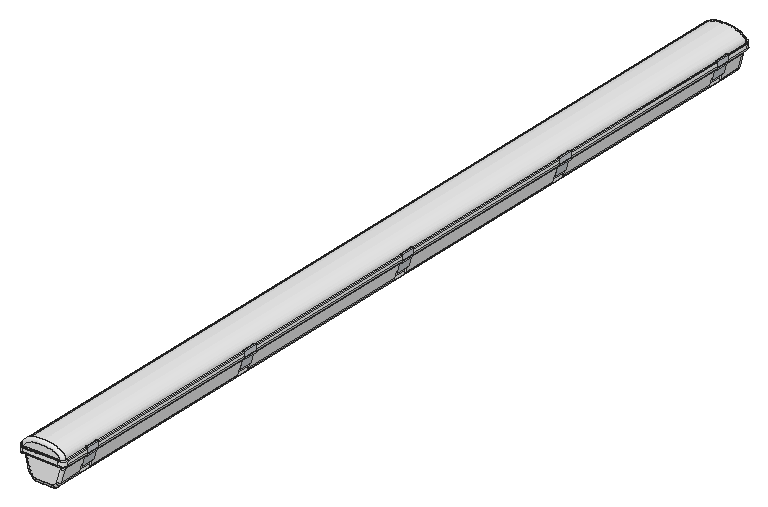
Revit family "0048623 Feilo Sylvania Lighting Fixture SRT WTRPRF LED G3 1500MM S 4K", category Lighting Fixtures, host Face, Revit 2017
Family settings
  Host = Face
  Round Connector Dimension = Use Diameter
  Part Type = Normal
  OmniClass Number = 23.80.70.11.14
  OmniClass Title = General Luminaries, Directional
  Cut with Voids When Loaded = Yes
  Light Source = Yes
  Shared = No
  Room Calculation Point = No
Parameters
  Width = 84 mm
  Weight = "2.08 kg"
  Wattage Comments = "n/a"
  Wattage = 33 W
  WarrantyStartDate [instance] = "n/a"
  WarrantyGuarantorParts = "n/a"
  WarrantyDurationUnit = "n/a"
  WarrantyDurationParts = "n/a"
  WarrantyDescription = "n/a"
  built-in parameter 1150110 = 1 (stored number, unit not read)
  Voltage = 230 V
  URL = "http://www.sylvania-lighting.com"
  TypeName = "SRT WTRPRF LED G3 1500MM S 4K"
  Type Image = <None>
  Type Comments = "n/a"
  built-in parameter 1114217 = 1 (stored number, unit not read)
  Tilt Angle = -90.00°
  built-in parameter 1150109 = 1 (stored number, unit not read)
  built-in parameter 1150134 = 12
  built-in parameter 1150113 = 1 (stored number, unit not read)
  SerialNumber [instance] = "n/a"
  ReflectorMaterial = none
  PowerFactor = 0
  PowerConsumption = "33 W"
  Photometric Web File = "0048623-C.ies"
  NominalWidth = 0 mm
  NominalLength = 1578 mm
  NominalHeight = 75 mm
  Name = "SRT WTRPRF LED G3 1500MM S 4K"
  ModelReference = "SRT WTRPRF LED G3 1500MM S 4K"
  ModelNumber = "0048623"
  Model = "SRT WTRPRF LED G3 1500MM S 4K"
  Material = "polycarbonate housing, polycarbonate diffuser"
  ManufacturerName = "Feilo Sylvania"
  Manufacturer = "Feilo Sylvania"
  LuminousEfficacy = "125 lm/W"
  built-in parameter 1150105 = 328.26 (stored number, unit not read)
  Lumens = 4125 lm
  LuminaireType = "Weatherproof"
  built-in parameter 1150115 = 1 (stored number, unit not read)
  LightOutputRatio = "n/a"
  built-in parameter 1150137 = (empty or 0)
  built-in parameter 1150139 = (empty or 0)
  Length = 1572 mm
  LampsType = Lamp  # "LED"
  LampNominalLuminous = "4100 lm"
  LampMacAdamStep = "3"
  LampColourTemperature = "4000 K"
  LampColourRenderingIndex = "80"
  built-in parameter 1150112 = 1 (stored number, unit not read)
  built-in parameter 1150114 = 1 (stored number, unit not read)
  Lamp = "LED"
  Keynote = "16500"
  InstallationDate [instance] = "n/a"
  InputVoltage = "220-240V~"
  InputNominalFrequency = "50/60 Hz"
  built-in parameter 1150132 = (empty or 0)
  built-in parameter 1150102 = (empty or 0)
  built-in parameter 1150107 = 4000 (stored number, unit not read)
  built-in parameter 1150138 = (empty or 0)
  IngressProtection = "IP65"
  ImpactProtectionIndex = "IK08"
  built-in parameter 1150106 = 3.2826 (stored number, unit not read)
  IfcExportType = "IfcLightFixtureType"
  IfcExportAs = "IfcLightFixtureType"
  ExpectedLife = 50000
  Emit from Rectangle Width = Width - 20 mm  # 64 mm
  Emit from Rectangle Length = Length - 20 mm  # 1552 mm
  Emit Shape Visible in Rendering = no
  ElectricShockClassification = "Class I"
  built-in parameter 1150104 = 11.613 (stored number, unit not read)
  DurationUnit = "hours"
  DocumentationLiterature = "http://www.sylvania-lighting.com/product/en-int/products/0048623"
  DimmingControlOptions = "Non dimmable"
  Dimming Lamp Color Temperature Shift = <None>
  DiffuserMaterial = Diffuser-Sylvania-Transparent
  Description = ""
  Default Elevation = 1219.2 mm
  CreatedOn = "11/9/2017"
  CreatedBy = ""
  Cost = 0
  Color Filter = 16777215
  built-in parameter 1114216 [instance] = (empty or 0)
  ClassificationValue = "EF_70_80"
  ClassificationName = "Uniclass2015"
  BodyMaterial = Body-Sylvania-Gray
  BarCode [instance] = "n/a"
  built-in parameter 1114218 = 1 (stored number, unit not read)
  built-in parameter 1150133 = 10 (stored number, unit not read)
  AssetType = "Fixed"
  AssetIdentifier [instance] = "n/a"
  Assembly Code = "D5020200"
  Apparent Load = 33 VA
  AccessoryMaterial = Diffuser-Sylvania-Glow
Reference planes
  plane 1 "Center (Front/Back)": y = 0
  plane 2: z = 0
  plane 3 "Center (Left/Right)": x = 0
  plane 4: z = 54
  plane 5: x = -14.7
  plane 6: x = -21.8
  plane 7: x = -26.6
  plane 8: x = -29.2
  plane 9: z = 3
  plane 10: z = 7.8
  plane 11: z = 12.3
  plane 12: z = 36.6
  plane 13: z = 42.8
  plane 14: x = -38.1
  plane 15: z = 46.2
  plane 16: x = -42
  plane 17: y = 786
  plane 18: y = -786
  plane 19: x = 14.7
  plane 20: x = 21.8
  plane 21: x = 26.6
  plane 22: x = 29.2
  plane 23: x = 38.1
  plane 24: x = 42
  plane 25: y = 778.4
  plane 26: y = -778.4
  plane 27: y = -774.7
  plane 28: y = 774.7
  plane 29: z = 74
  plane 30: x = -38.5
  plane 31: x = 38.5
  plane 32: z = 55.2
  plane 33: y = -782.5
  plane 34: y = 782.5
  plane 35: x = -24.5
  plane 36: x = 24.5
  plane 37: x = -35.7
  plane 38: x = 35.7
  plane 39: z = 50.2
  plane 40: z = 24.6
  plane 41: y = -720
  plane 42: y = -734
  plane 43: y = -706
  plane 44: y = 720
  plane 45: y = -720
  plane 46: y = -734
  plane 47: y = -706
  plane 48: y = 720
  plane 49: y = 706
  plane 50: y = 734
  plane 51: y = -360
  plane 52: y = -374
  plane 53: y = -346
  plane 54: y = 0
  plane 55: y = -14
  plane 56: y = 14
  plane 57: y = 360
  plane 58: y = 346
  plane 59: y = 374
Forms (mm)
  Sweep 1, solid, material "Body-Sylvania-Gray" <- "BodyMaterial", detail levels medium+fine
    path origin (1223.4, -4572, 54) x (0, -1, 0) y (1, 0, 0)
      loop
        arc (-3796, -1265.4) -> (-3788.929, -1262.471) -> (-3786, -1255.4) r 10
        line (-3786, -1255.4) -> (-3786, -1191.4)
        arc (-3786, -1191.4) -> (-3788.929, -1184.329) -> (-3796, -1181.4) r 10
        line (-3796, -1181.4) -> (-5348, -1181.4)
        arc (-5348, -1181.4) -> (-5355.071, -1184.329) -> (-5358, -1191.4) r 10
        line (-5358, -1191.4) -> (-5358, -1255.4)
        arc (-5358, -1255.4) -> (-5355.071, -1262.471) -> (-5348, -1265.4) r 10
        line (-5348, -1265.4) -> (-3796, -1265.4)
    profile origin (-42, 0, 54) x (-1, 0, 0) y (0, 0, 1)
      loop
        line (0, 0) -> (-1, 0) -> (-1, -7.726)
        arc (-1, -7.726) -> (-1.994, -9.498) -> (-3.9, -10.2) r 2.937
        line (-3.9, -10.2) -> (-8.571, -10.2) -> (-8.571, -11.2) -> (-3.9, -11.2)
        arc (-3.9, -11.2) -> (-1.313, -10.231) -> (0, -7.8) r 3.937
        line (0, -7.8) -> (0, 0)
  Sweep 2, solid, material "Body-Sylvania-Gray" <- "BodyMaterial", detail levels medium+fine
    path origin (0, 0, 0) x (1, 0, 0) y (0, 0, 1)
      loop
        line (35.7, 42.8) -> (35.7, 36.6) -> (29.203, 12.31)
        arc (29.203, 12.31) -> (28.199, 9.884) -> (26.6, 7.8) r 10.052
        line (26.6, 7.8) -> (21.8, 3)
        arc (21.8, 3) -> (18.554, 0.781) -> (14.7, 0) r 9.902
        line (14.7, 0) -> (0, 0) -> (-14.7, 0)
        arc (-14.7, 0) -> (-18.554, 0.781) -> (-21.8, 3) r 9.902
        line (-21.8, 3) -> (-26.6, 7.8)
        arc (-26.6, 7.8) -> (-28.199, 9.884) -> (-29.203, 12.31) r 10.052
        line (-29.203, 12.31) -> (-35.7, 36.6) -> (-35.7, 42.8)
    profile origin (0, 0, 0) x (0, 0, -1) y (0, -1, 0)
      loop
        arc (0, 773.4) -> (-1.464, 776.936) -> (-5, 778.4) r 5
        line (-5, 778.4) -> (-7.8, 778.4) -> (-7.8, -778.4) -> (-5, -778.4)
        arc (-5, -778.4) -> (-1.464, -776.936) -> (0, -773.4) r 5
        line (0, -773.4) -> (0, 773.4)
  Extrusion 3, solid, material "Body-Sylvania-Gray" <- "BodyMaterial", detail levels medium+fine
    sketch origin (1524, 778.4, 1219.2) x (1, 0, 0) y (0, 0, 1)
      loop
        arc (-1545.668, -1204.874) -> (-1545.443, -1205.418) -> (-1545.085, -1205.885) r 2.252
        line (-1545.085, -1205.885) -> (-1540.231, -1210.738)
        arc (-1540.231, -1210.738) -> (-1539.534, -1211.227) -> (-1538.7, -1211.4) r 2.102
        line (-1538.7, -1211.4) -> (-1509.3, -1211.4)
        arc (-1509.3, -1211.4) -> (-1508.466, -1211.227) -> (-1507.769, -1210.738) r 2.102
        line (-1507.769, -1210.738) -> (-1502.915, -1205.885)
        arc (-1502.915, -1205.885) -> (-1502.557, -1205.418) -> (-1502.332, -1204.874) r 2.252
        line (-1502.332, -1204.874) -> (-1496.1, -1181.575) -> (-1496.1, -1176.4) -> (-1551.9, -1176.4) -> (-1551.9, -1181.575) -> (-1545.668, -1204.874)
    from 0 to 1556.8
  Sweep 4, solid, material "Diffuser-Sylvania-Transparent" <- "DiffuserMaterial", detail levels medium+fine
    path origin (0, 0, 0) x (1, 0, 0) y (0, 0, 1)
      loop
        spline (-38.5, 55.2) -> (-37.188, 60.066) -> (-33.342, 64.6) -> (-27.224, 68.494) -> (-19.25, 71.481) -> (-9.965, 73.359) -> (0, 74) -> (9.965, 73.359) -> (19.25, 71.481) -> (27.224, 68.494) -> (33.342, 64.6) -> (37.188, 60.066) -> (38.5, 55.2)
    profile origin (38.5, 0, 55.2) x (0, -1, 0) y (1, 0, 0)
      loop
        arc (782.5, -5.5) -> (780.889, -1.611) -> (777, 0) r 5.5
        line (777, 0) -> (-777, 0)
        arc (-777, 0) -> (-780.889, -1.611) -> (-782.5, -5.5) r 5.5
        line (-782.5, -5.5) -> (-782.5, -6.3) -> (-781.5, -6.3) -> (-781.5, -5.5)
        arc (-781.5, -5.5) -> (-780.182, -2.318) -> (-777, -1) r 4.5
        line (-777, -1) -> (777, -1)
        arc (777, -1) -> (780.182, -2.318) -> (781.5, -5.5) r 4.5
        line (781.5, -5.5) -> (781.5, -6.347) -> (782.5, -6.347) -> (782.5, -5.5)
  Extrusion 5, solid, material "Diffuser-Sylvania-Transparent" <- "DiffuserMaterial", detail levels medium+fine
    sketch origin (1524, -782.5, 1219.2) x (1, 0, 0) y (0, 0, 1)
      loop
        line (-1556.653, -1164) -> (-1491.347, -1164)
        spline (-1491.347, -1164) -> (-1491.939, -1161.945) -> (-1494.434, -1159.066) -> (-1499.342, -1155.96) -> (-1506.338, -1153.35) -> (-1514.799, -1151.648) -> (-1524, -1151.047) -> (-1533.201, -1151.648) -> (-1541.662, -1153.35) -> (-1548.658, -1155.96) -> (-1553.566, -1159.066) -> (-1556.061, -1161.945) -> (-1556.653, -1164)
    from 0 to -1
  Extrusion 6, solid, material "Diffuser-Sylvania-Transparent" <- "DiffuserMaterial", detail levels medium+fine
    sketch origin (1524, 782.5, 1219.2) x (1, 0, 0) y (0, 0, 1)
      loop
        spline (-1491.3, -1164) -> (-1491.898, -1161.922) -> (-1494.404, -1159.03) -> (-1499.322, -1155.918) -> (-1506.325, -1153.305) -> (-1514.793, -1151.602) -> (-1524, -1151) -> (-1533.207, -1151.602) -> (-1541.675, -1153.305) -> (-1548.678, -1155.918) -> (-1553.596, -1159.03) -> (-1556.102, -1161.922) -> (-1556.7, -1164)
        line (-1556.7, -1164) -> (-1491.3, -1164)
    from 0 to 1
  Extrusion 7, solid, material "Diffuser-Sylvania-Glow" <- "AccessoryMaterial", detail levels fine
    sketch origin (0, 0, 0) x (1, 0, 0) y (0, 0, 1)
      loop
        circle (0, 50.2) r 8
    from -774.7 to 774.7
  Extrusion 8, void
    sketch origin (0, -720, 2343.807) x (0, 0, -1) y (-1, 0, 0)
      loop
        line (2340.807, -24.5) -> (2331.507, -24.5) -> (2319.207, -29.2) -> (2319.207, -35.7) -> (2340.807, -35.7) -> (2340.807, -24.5)
      loop
        line (2340.807, 24.5) -> (2340.807, 35.7) -> (2319.207, 35.7) -> (2319.207, 29.2) -> (2331.507, 24.5) -> (2340.807, 24.5)
    from 14 to -14
  Extrusion 9, void, not visible
    sketch origin (0, -720, 2343.807) x (0, 0, -1) y (-1, 0, 0)
      loop
        line (2340.807, -24.5) -> (2331.507, -24.5) -> (2319.207, -29.2) -> (2319.207, -35.7) -> (2340.807, -35.7) -> (2340.807, -24.5)
      loop
        line (2340.807, 24.5) -> (2340.807, 35.7) -> (2319.207, 35.7) -> (2319.207, 29.2) -> (2331.507, 24.5) -> (2340.807, 24.5)
    from 14 to -14
  Extrusion 10, void
    sketch origin (0, 720, 2343.807) x (0, 0, -1) y (-1, 0, 0)
      loop
        line (2340.807, -24.5) -> (2331.507, -24.5) -> (2319.207, -29.2) -> (2319.207, -35.7) -> (2340.807, -35.7) -> (2340.807, -24.5)
      loop
        line (2340.807, 24.5) -> (2340.807, 35.7) -> (2319.207, 35.7) -> (2319.207, 29.2) -> (2331.507, 24.5) -> (2340.807, 24.5)
    from 14 to -14
  Extrusion 11, void
    sketch origin (0, -360, 2343.807) x (0, 0, -1) y (-1, 0, 0)
      loop
        line (2340.807, -24.5) -> (2331.507, -24.5) -> (2319.207, -29.2) -> (2319.207, -35.7) -> (2340.807, -35.7) -> (2340.807, -24.5)
      loop
        line (2340.807, 24.5) -> (2340.807, 35.7) -> (2319.207, 35.7) -> (2319.207, 29.2) -> (2331.507, 24.5) -> (2340.807, 24.5)
    from 14 to -14
  Extrusion 12, void
    sketch origin (0, 0, 2343.807) x (0, 0, -1) y (-1, 0, 0)
      loop
        line (2340.807, -24.5) -> (2331.507, -24.5) -> (2319.207, -29.2) -> (2319.207, -35.7) -> (2340.807, -35.7) -> (2340.807, -24.5)
      loop
        line (2340.807, 24.5) -> (2340.807, 35.7) -> (2319.207, 35.7) -> (2319.207, 29.2) -> (2331.507, 24.5) -> (2340.807, 24.5)
    from 14 to -14
  Extrusion 13, void
    sketch origin (0, 360, 2343.807) x (0, 0, -1) y (-1, 0, 0)
      loop
        line (2340.807, -24.5) -> (2331.507, -24.5) -> (2319.207, -29.2) -> (2319.207, -35.7) -> (2340.807, -35.7) -> (2340.807, -24.5)
      loop
        line (2340.807, 24.5) -> (2340.807, 35.7) -> (2319.207, 35.7) -> (2319.207, 29.2) -> (2331.507, 24.5) -> (2340.807, 24.5)
    from 14 to -14
  Extrusion 14, solid, material "Diffuser-Sylvania-Transparent" <- "DiffuserMaterial", detail levels medium+fine
    sketch origin (1223.4, -4572, 54) x (0, -1, 0) y (-1, 0, 0)
      loop
        arc (-5348, 1265.4) -> (-5355.071, 1262.471) -> (-5358, 1255.4) r 10
        line (-5358, 1255.4) -> (-5358, 1191.4)
        arc (-5358, 1191.4) -> (-5355.071, 1184.329) -> (-5348, 1181.4) r 10
        line (-5348, 1181.4) -> (-3796, 1181.4)
        arc (-3796, 1181.4) -> (-3788.929, 1184.329) -> (-3786, 1191.4) r 10
        line (-3786, 1191.4) -> (-3786, 1255.4)
        arc (-3786, 1255.4) -> (-3788.929, 1262.471) -> (-3796, 1265.4) r 10
        line (-3796, 1265.4) -> (-5348, 1265.4)
      loop
        arc (-5354.5, 1190.394) -> (-5352.887, 1186.509) -> (-5349, 1184.9) r 5.5
        line (-5349, 1184.9) -> (-3795, 1184.9)
        arc (-3795, 1184.9) -> (-3791.113, 1186.509) -> (-3789.5, 1190.394) r 5.5
        line (-3789.5, 1190.394) -> (-3789.5, 1256.406)
        arc (-3789.5, 1256.406) -> (-3791.113, 1260.291) -> (-3795, 1261.9) r 5.5
        line (-3795, 1261.9) -> (-5349, 1261.9)
        arc (-5349, 1261.9) -> (-5352.887, 1260.291) -> (-5354.5, 1256.406) r 5.5
        line (-5354.5, 1256.406) -> (-5354.5, 1190.394)
    from 0 to -1.2
  Extrusion 15, solid, material "Body-Sylvania-Gray" <- "BodyMaterial", detail levels coarse
    sketch origin (0, 0, 0) x (1, 0, 0) y (0, 0, 1)
      loop
        line (-42, 55.2) -> (-42, 42.8) -> (-26.6, 0) -> (26.6, 0) -> (42, 42.8) -> (42, 55.2) -> (-42, 55.2)
    from -786 to 786
  Extrusion 16, solid, material "Diffuser-Sylvania-Transparent" <- "DiffuserMaterial", detail levels coarse
    sketch origin (0, 0, 0) x (1, 0, 0) y (0, 0, 1)
      loop
        line (-38.5, 55.2) -> (38.5, 55.2)
        arc (38.5, 55.2) -> (0, 74) -> (-38.5, 55.2) r 48.822
    from -778.4 to 778.4
Cuts and joins
  Extrusion 8, Extrusion 10, Extrusion 11, Extrusion 12, Extrusion 13 cuts Sweep 2
  Extrusion 8, Extrusion 10, Extrusion 11, Extrusion 12, Extrusion 13 cuts Extrusion 3
  joined: Sweep 2, Extrusion 3
  joined: Sweep 4, Extrusion 5, Extrusion 6, Extrusion 14
Dimensions and locks
  locked: plane 4 to plane 2 at 54
  plane 5 to plane 6 to plane 7 to plane 8 to plane 14 to plane 16 = 7.1 mm locked, 4.8 mm locked, 2.6 mm locked, 8.9 mm locked, 3.9 mm locked
  plane 4 to plane 15 to plane 13 to plane 12 to plane 11 to plane 10 to plane 9 = 7.8 mm locked, 3.4 mm, 6.2 mm locked, 24.3 mm locked, 4.5 mm locked, 4.8 mm locked
  equal spacing: plane 18, plane 1 "Center (Front/Back)", plane 17
  "Length": plane 18 to plane 17
  plane 19 to plane 20 to plane 21 to plane 22 to plane 23 to plane 24 = 7.1 mm locked, 4.8 mm locked, 2.6 mm locked, 8.9 mm, 3.9 mm
  equal spacing: plane 24, plane 3 "Center (Left/Right)", plane 16
  "Width": plane 24 to plane 16
  equal spacing: plane 27, plane 1 "Center (Front/Back)", plane 28
  locked: plane 26 to plane 27 at 3.7
  locked: Sweep 1 sketch curve to profile plane at 1
  locked: Sweep 1 sketch curve to plane 13 at 1
  locked: Sweep 1 sketch curve to plane 13 at 3.937  (x2)
  locked: Sweep 1 sketch curve to profile plane at 3.9  (x2)
  plane 29 to plane 4 = 20 mm
  equal spacing: plane 31, plane 3 "Center (Left/Right)", plane 30
  locked: plane 30 to plane 16 at 3.5
  locked: plane 32 to plane 4 at 1.2
  equal spacing: plane 33, plane 1 "Center (Front/Back)", plane 34
  equal spacing: plane 36, plane 3 "Center (Left/Right)", plane 35
  locked: plane 34 to plane 17 at 3.5
  equal spacing: plane 38, plane 3 "Center (Left/Right)", plane 37
  locked: plane 37 to plane 16 at 6.3
  equal spacing: plane 25, plane 1 "Center (Front/Back)", plane 26
  locked: plane 17 to plane 25 at 7.6
  locked: Sweep 2 sketch curve to plane 2 at 5  (x2)
  locked: Sweep 2 sketch curve to plane 26 at 5
  locked: plane 25 to Sweep 2 sketch curve at 5
  locked: Sweep 4 sketch curve to plane 31 at 5.5  (x2)
  locked: Sweep 4 sketch curve to plane 34 at 5.5
  plane 33 to Sweep 4 sketch curve = 5.5 mm
  locked: plane 34 to Sweep 4 sketch curve at 1
  locked: Sweep 4 sketch curve to plane 31 at 1
  locked: Sweep 4 sketch curve to Sweep 4 sketch curve at 1
  locked: Sweep 4 sketch curve to plane 31 at 6.347
  locked: Sweep 4 sketch curve to plane 31 at 6.3
  locked: plane 40 to plane 2 at 24.6
  locked: plane 6 to plane 35 at 2.7
  locked: plane 1 "Center (Front/Back)" to plane 41 at 720
  plane 43 to plane 41 to plane 42 = 14 mm locked, 14 mm locked
  locked: plane 44 to plane 1 "Center (Front/Back)" at 720
  plane 47 to plane 45 to plane 46 = 14 mm locked, 14 mm locked
  plane 50 to plane 48 to plane 49 = 14 mm locked, 14 mm locked  (x2)
  equal spacing: group 1, group 6, group 7, group 8, group 5  (x3)
  plane 53 to plane 51 to plane 52 = 14 mm locked, 14 mm locked  (x2)
  plane 56 to plane 54 to plane 55 = 14 mm locked, 14 mm locked  (x2)
  plane 59 to plane 57 to plane 58 = 14 mm locked, 14 mm locked  (x2)
  plane 48 to plane 57 to plane 1 "Center (Front/Back)" to plane 51 to plane 41 = 360 mm locked, 360 mm locked, 360 mm locked, 360 mm locked
  aligned and locked: plane 2 to host face
  aligned and locked: level to host face
  aligned and locked: plane 16 to Sweep 1 sketch curve
  aligned and locked: Sweep 1 sketch curve to plane 24
  aligned and locked: plane 18 to Sweep 1 sketch curve
  aligned and locked: Sweep 1 sketch curve to plane 13
  aligned and locked: profile plane to Sweep 1 sketch curve
  aligned and locked: plane 3 "Center (Left/Right)" to Sweep 2 sketch curve
  aligned and locked: plane 9 to Sweep 2 sketch curve
  aligned and locked: plane 10 to Sweep 2 sketch curve
  aligned and locked: plane 37 to Sweep 2 sketch curve
  aligned and locked: plane 12 to Sweep 2 sketch curve
  aligned and locked: Sweep 2 sketch curve to level
  aligned and locked: plane 21 to Sweep 2 sketch curve
  aligned and locked: plane 38 to Sweep 2 sketch curve
  aligned and locked: profile plane to Sweep 2 sketch curve
  aligned and locked: plane 25 to Sweep 2 sketch curve
  aligned and locked: Sweep 2 sketch curve to plane 10
  aligned and locked: Extrusion 3 sketch curve to Sweep 2  (x7)
  aligned and locked: Sweep 2 to Extrusion 3 sketch curve
  aligned and locked: Extrusion 3 to plane 25
  aligned and locked: plane 26 to Extrusion 3
  aligned and locked: plane 32 to Sweep 4 sketch curve
  aligned and locked: plane 33 to Sweep 4 sketch curve
  aligned and locked: Sweep 4 to Extrusion 5
  aligned and locked: plane 33 to Extrusion 5
  aligned and locked: plane 39 to Extrusion 7 sketch curve
  aligned and locked: plane 27 to Extrusion 7
  aligned and locked: Extrusion 7 to plane 28
  aligned and locked: Extrusion 6 sketch curve to Sweep 4
  aligned and locked: Extrusion 5 sketch curve to Sweep 4
  aligned and locked: Extrusion 8 to plane 43
  aligned and locked: plane 42 to Extrusion 8
  aligned and locked: Extrusion 10 to plane 50
  aligned and locked: plane 49 to Extrusion 10
  aligned and locked: Extrusion 11 to plane 53
  aligned and locked: plane 52 to Extrusion 11
  aligned and locked: Extrusion 12 to plane 56
  aligned and locked: plane 55 to Extrusion 12
  aligned and locked: Extrusion 13 to plane 59
  aligned and locked: plane 58 to Extrusion 13
  aligned and locked: plane 3 "Center (Left/Right)" to Extrusion 7 sketch curve
  aligned and locked: Extrusion 14 sketch curve to Sweep 1  (x4)
  aligned and locked: Extrusion 14 to plane 32
  aligned and locked: plane 4 to Extrusion 14
  aligned and locked: plane 48 to nested 1
  aligned and locked: plane 57 to nested 2
  aligned and locked: plane 54 to nested 3
  aligned and locked: nested 4 to plane 51
  aligned and locked: nested 5 to plane 41
  aligned and locked: plane 41 to nested 10
  aligned and locked: plane 51 to nested 9
  aligned and locked: plane 54 to nested 8
  aligned and locked: plane 57 to nested 7
  aligned and locked: plane 48 to nested 6
  aligned and locked: plane 1 "Center (Front/Back)" to imposter light
  aligned and locked: plane 3 "Center (Left/Right)" to imposter light
  aligned and locked: imposter light to plane 29
  aligned and locked: plane 7 to Extrusion 15 sketch curve
  aligned and locked: plane 2 to Extrusion 15 sketch curve
  aligned and locked: Extrusion 15 sketch curve to nested 6
  aligned and locked: Extrusion 15 sketch curve to nested 1
  aligned and locked: plane 18 to Extrusion 15
  aligned and locked: Extrusion 15 to plane 17
  aligned and locked: Extrusion 15 to Sweep 1  (x2)
  aligned and locked: plane 30 to Extrusion 16 sketch curve
  aligned and locked: plane 31 to Extrusion 16 sketch curve
  aligned and locked: Extrusion 16 sketch curve to cut or joined group of Sweep 4, Extrusion 5, Extrusion 6, Extrusion 14
  aligned and locked: Extrusion 16 to plane 25
  aligned and locked: plane 26 to Extrusion 16
Automatic sketch dimensions
  host sketch curve to host sketch curve = 2438.4 mm  (x2)
  plane 17 to Sweep 1 sketch curve = 0 mm
  Sweep 1 sketch curve to plane 28 = 1.3 mm
  Sweep 1 sketch curve to plane 7 = 5.4 mm
  plane 27 to Sweep 1 sketch curve = 1.3 mm  (x2)
  Sweep 1 sketch curve to Sweep 1 sketch curve = 4.671 mm
  Sweep 1 sketch curve to plane 4 = 0 mm
  Sweep 2 sketch curve to plane 7 = 0 mm
  Sweep 2 sketch curve to plane 6 = 0 mm
  Sweep 2 sketch curve to plane 5 = 0 mm
  plane 19 to Sweep 2 sketch curve = 0 mm
  Sweep 2 sketch curve to plane 9 = 0 mm
  plane 20 to Sweep 2 sketch curve = 0 mm
  Sweep 2 sketch curve to plane 12 = 0 mm
  Sweep 2 sketch curve to plane 10 = 0 mm
  Sweep 2 sketch curve to plane 13 = 0 mm  (x2)
  Sweep 2 sketch curve to plane 8 = 0.003 mm
  plane 6 to Sweep 2 sketch curve = 2.308 mm
  plane 20 to Sweep 2 sketch curve = 2.308 mm
  Sweep 2 sketch curve to plane 22 = 0.003 mm
  Sweep 2 sketch curve to plane 11 = 0.01 mm  (x2)
  Extrusion 3 sketch curve to plane 5 = 0 mm
  plane 19 to Extrusion 3 sketch curve = 0 mm
  plane 6 to Extrusion 3 sketch curve = 0.132 mm
  plane 6 to Extrusion 3 sketch curve = 0.715 mm
  Extrusion 3 sketch curve to Extrusion 3 sketch curve = 1.592 mm
  Extrusion 3 sketch curve to plane 10 = 0.662 mm  (x2)
  plane 20 to Extrusion 3 sketch curve = 2.308 mm
  plane 20 to Extrusion 3 sketch curve = 0.715 mm
  plane 20 to Extrusion 3 sketch curve = 0.132 mm
  Sweep 4 sketch curve to plane 30 = 0 mm
  Sweep 4 sketch curve to plane 3 "Center (Left/Right)" = 0 mm
  Sweep 4 sketch curve to Sweep 4 sketch curve = 0 mm  (x2)
  plane 37 to Extrusion 6 sketch curve = 3 mm
  Extrusion 6 sketch curve to plane 38 = 3 mm
  plane 37 to Extrusion 5 sketch curve = 3.047 mm
  Extrusion 5 sketch curve to plane 38 = 3.047 mm
  Extrusion 8 sketch curve to Extrusion 8 sketch curve = 0 mm
  Extrusion 8 sketch curve to Extrusion 8 sketch curve = 12.3 mm  (x2)
  Extrusion 8 sketch curve to Extrusion 8 sketch curve = 9.3 mm  (x2)
  Extrusion 8 sketch curve to Extrusion 8 sketch curve = 6.5 mm  (x2)
  Extrusion 8 sketch curve to Extrusion 8 sketch curve = 4.7 mm  (x2)
  Extrusion 8 sketch curve to Extrusion 8 sketch curve = 49 mm
  Extrusion 9 sketch curve to Extrusion 9 sketch curve = 0 mm
  Extrusion 9 sketch curve to Extrusion 9 sketch curve = 12.3 mm  (x2)
  Extrusion 9 sketch curve to Extrusion 9 sketch curve = 9.3 mm  (x2)
  Extrusion 9 sketch curve to Extrusion 9 sketch curve = 6.5 mm  (x2)
  Extrusion 9 sketch curve to Extrusion 9 sketch curve = 4.7 mm  (x2)
  Extrusion 9 sketch curve to Extrusion 9 sketch curve = 49 mm
  Extrusion 10 sketch curve to Extrusion 10 sketch curve = 0 mm
  Extrusion 10 sketch curve to Extrusion 10 sketch curve = 12.3 mm  (x2)
  Extrusion 10 sketch curve to Extrusion 10 sketch curve = 9.3 mm  (x2)
  Extrusion 10 sketch curve to Extrusion 10 sketch curve = 6.5 mm  (x2)
  Extrusion 10 sketch curve to Extrusion 10 sketch curve = 4.7 mm  (x2)
  Extrusion 10 sketch curve to Extrusion 10 sketch curve = 49 mm
  Extrusion 11 sketch curve to Extrusion 11 sketch curve = 0 mm
  Extrusion 11 sketch curve to Extrusion 11 sketch curve = 12.3 mm  (x2)
  Extrusion 11 sketch curve to Extrusion 11 sketch curve = 9.3 mm  (x2)
  Extrusion 11 sketch curve to Extrusion 11 sketch curve = 6.5 mm  (x2)
  Extrusion 11 sketch curve to Extrusion 11 sketch curve = 4.7 mm  (x2)
  Extrusion 11 sketch curve to Extrusion 11 sketch curve = 49 mm
  Extrusion 12 sketch curve to Extrusion 12 sketch curve = 0 mm
  Extrusion 12 sketch curve to Extrusion 12 sketch curve = 12.3 mm  (x2)
  Extrusion 12 sketch curve to Extrusion 12 sketch curve = 9.3 mm  (x2)
  Extrusion 12 sketch curve to Extrusion 12 sketch curve = 6.5 mm  (x2)
  Extrusion 12 sketch curve to Extrusion 12 sketch curve = 4.7 mm  (x2)
  Extrusion 12 sketch curve to Extrusion 12 sketch curve = 49 mm
  Extrusion 13 sketch curve to Extrusion 13 sketch curve = 0 mm
  Extrusion 13 sketch curve to Extrusion 13 sketch curve = 12.3 mm  (x2)
  Extrusion 13 sketch curve to Extrusion 13 sketch curve = 9.3 mm  (x2)
  Extrusion 13 sketch curve to Extrusion 13 sketch curve = 6.5 mm  (x2)
  Extrusion 13 sketch curve to Extrusion 13 sketch curve = 4.7 mm  (x2)
  Extrusion 13 sketch curve to Extrusion 13 sketch curve = 49 mm
  Extrusion 14 sketch curve to plane 34 = 0 mm
  plane 30 to Extrusion 14 sketch curve = 0 mm
  Extrusion 14 sketch curve to plane 31 = 0 mm
  plane 33 to Extrusion 14 sketch curve = 0 mm
  plane 25 to Extrusion 14 sketch curve = 1.4 mm  (x4)
  Extrusion 14 sketch curve to plane 26 = 1.4 mm  (x4)
  plane 37 to Extrusion 14 sketch curve = 2.694 mm  (x2)
  Extrusion 14 sketch curve to plane 38 = 2.694 mm  (x2)
  plane 21 to Extrusion 15 sketch curve = 0 mm
  Extrusion 15 sketch curve to plane 13 = 0 mm  (x2)
  Extrusion 15 sketch curve to plane 32 = 0 mm
  Extrusion 16 sketch curve to plane 40 = 0.578 mm
  radius of Extrusion 7 sketch curve = 8 mm
Nested families
  nested 1: "Clip" at (-29.2, 720, 24.6) x (-1, 0, 0) z (0, 0, 1), type "Clip", detail levels fine
  nested 2: "Clip" at (-29.2, 360, 24.6) x (-1, 0, 0) z (0, 0, 1), type "Clip", detail levels fine
  nested 3: "Clip" at (-29.2, 0, 24.6) x (-1, 0, 0) z (0, 0, 1), type "Clip", detail levels fine
  nested 4: "Clip" at (-29.2, -360, 24.6) x (-1, 0, 0) z (0, 0, 1), type "Clip", detail levels fine
  nested 5: "Clip" at (-29.2, -720, 24.6) x (-1, 0, 0) z (0, 0, 1), type "Clip", detail levels fine
  nested 6: "Clip" at (29.2, 720, 24.6), type "Clip", detail levels fine
  nested 7: "Clip" at (29.2, 360, 24.6), type "Clip", detail levels fine
  nested 8: "Clip" at (29.2, 0, 24.6), type "Clip", detail levels fine
  nested 9: "Clip" at (29.2, -360, 24.6), type "Clip", detail levels fine
  nested 10: "Clip" at (29.2, -720, 24.6), type "Clip", detail levels fine
Connectors
  electrical at (0, 0, 0), driven by "Apparent Load"
    settings: index 1, voltage 230 V, apparent load 33 VA, apparent load phase1 0 VA, apparent load phase2 0 VA, apparent load phase3 0 VA, power factor 0, load classification "Lighting", number of poles 1, system type 30, power factor state 1, is connector primary yes, connector utility no, sub classification motor no, connector description ""
Definition of nested family "Clip"
  Parameters (values of type "Clip")
    URL = "http://www.feilosylvania.com"
    Type Comments = "n/a"
    Model = "n/a"
    Manufacturer = "Feilo Sylvania"
    Keynote = "n/a"
    Description = "n/a"
    Default Elevation = 1219.2 mm
    Cost = 0
    BodyMaterial = none
    Assembly Code = "n/a"
  Reference planes
    plane 1 "Center (Front/Back)": y = 0
    plane 2: z = 0
    plane 3 "Center (Left/Right)": x = 0
    plane 4: x = 3.3
    plane 5: x = 6.5
    plane 6: x = 8.9
    plane 7: x = 12.8
    plane 8: z = 12
    plane 9: z = 18.2
    plane 10: z = 21.6
    plane 11: z = 30.6
    plane 12: x = 9.3
    plane 13: z = 19.2
    plane 14: z = 16.2
    plane 15: x = 10.1
    plane 16: y = 12
    plane 17: y = -12
  Forms (mm)
    Extrusion 1, solid
      sketch origin (-0.8, 0, 0) x (1, 0, 0) y (0, 1, 0)
        loop
          line (-1219.2, 1219.2) -> (-1219.2, -1219.2) -> (1219.2, -1219.2) -> (1219.2, 1219.2) -> (-1219.2, 1219.2)
      from 0 to -304.8
    Extrusion 2, solid
      sketch origin (0, 0, 0) x (1, 0, 0) y (0, 0, 1)
        loop
          line (8.9, 16.2) -> (4.58, 0) -> (0, 0) -> (0, -0.8) -> (5.195, -0.8) -> (9.603, 15.731) -> (13.6, 18.806) -> (13.6, 30.6)
          arc (13.6, 30.6) -> (11.45, 32.75) -> (9.3, 30.6) r 2.15
          line (9.3, 30.6) -> (10.1, 30.6)
          arc (10.1, 30.6) -> (11.45, 31.95) -> (12.8, 30.6) r 1.35
          line (12.8, 30.6) -> (12.8, 19.2) -> (8.9, 16.2)
      from -12 to 12
  Lines and regions (mm)
    reference lines
      curve 1: line (3.3, 0, 0) -> (6.5, 0, 12)
      curve 2: arc (8.9, 0, 18.2) -> (11.488, 0, 19.169) -> (12.8, 0, 21.6) r 3.934
  Dimensions and locks
    plane 7 to plane 6 to plane 5 to plane 4 to plane 3 "Center (Left/Right)" = 3.9 mm locked, 2.4 mm locked, 3.2 mm locked, 3.3 mm locked
    plane 11 to plane 10 to plane 9 to plane 8 to plane 2 = 9 mm locked, 3.4 mm locked, 6.2 mm locked, 12 mm locked
    locked: plane 7 to plane 12 at 3.5
    locked: plane 13 to plane 9 at 1
    locked: plane 9 to plane 14 at 2
    locked: plane 15 to plane 12 at 0.8
    locked: plane 2 to Extrusion 2 sketch curve at 0.8
    locked: Extrusion 2 sketch curve to Extrusion 2 sketch curve at 0.8  (x3)
    locked: plane 7 to Extrusion 2 sketch curve at 1.35
    equal spacing: plane 17, plane 1 "Center (Front/Back)", plane 16
    locked: plane 1 "Center (Front/Back)" to plane 16 at 12
    aligned and locked: plane 2 to Extrusion 1
    aligned and locked: level to Extrusion 1
    aligned and locked: plane 4 to curve 1
    aligned and locked: plane 5 to curve 1
    aligned and locked: plane 6 to curve 2
    aligned and locked: plane 10 to curve 2
    aligned and locked: plane 14 to Extrusion 2 sketch curve
    aligned and locked: plane 13 to Extrusion 2 sketch curve
    aligned and locked: plane 7 to Extrusion 2 sketch curve
    aligned and locked: plane 3 "Center (Left/Right)" to Extrusion 2 sketch curve
    aligned and locked: Extrusion 2 sketch curve to level
    aligned and locked: Extrusion 2 sketch curve to plane 11
    aligned and locked: plane 11 to Extrusion 2 sketch curve
    aligned and locked: Extrusion 2 to plane 16
    aligned and locked: plane 17 to Extrusion 2
  Automatic sketch dimensions
    Extrusion 1 sketch curve to Extrusion 1 sketch curve = 2438.4 mm  (x2)
    curve 2 to plane 7 = 0 mm
    curve 1 to level = 0 mm
    curve 1 to plane 8 = 0 mm
    curve 2 to plane 9 = 0 mm
    plane 6 to curve 2 = 0.002 mm
    Extrusion 2 sketch curve to Extrusion 2 sketch curve = 0 mm
    Extrusion 2 sketch curve to plane 6 = 0 mm
    plane 4 to Extrusion 2 sketch curve = 1.28 mm
